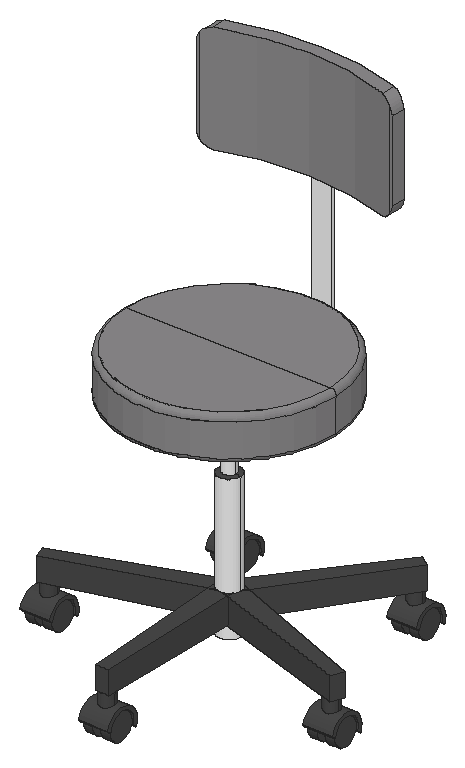
Revit family
Parameters (values of type "Value Series Stool")
  Upholstery = Upholstery - Midmark - 232 - Shadow
  URL = "http://www.midmark.com"
  Product Page URL = "http://www.midmark.com/en-us/AnimalHealthProducts/Seating/Pages/Midmark273AirLiftStool.aspx"
  Product Documentation Link = "http://www.midmark.com/marketing-collateral/007-0558-00.pdf"
  Model = "273"
  Manufacturer = "Midmark"
  Lift Height = Calculated Height - 0' 2"  # 1' - 4"
  Height = 1' - 6"
  Description = "Value Series Stool"
  Calculated Height = if(Height < 1' 6", 1' 6", if(Height > 2' 0 1/2", 2' 0 1/2", Height))  # 1' - 6"
  Assembly Code = "E2020"
Reference planes (in)
  plane 1 "Center Front/Back": y = 0
  plane 2: z = 0
  plane 3 "Center Left/Right": x = 0
  plane 4: z = 18
  plane 5: z = 5.25
  plane 6: z = 2
  plane 7: x = -12.11968
  plane 8: x = 11.86968
  plane 9: y = 10.87905
  plane 10: y = -12.83061
  plane 11: x = -12.86968
  plane 12: x = 12.61968
  plane 13: y = -13.58061
  plane 14: y = 11.62905
  plane 15: z = 21.5
  plane 16: y = 4
  plane 17: z = 38.25
  plane 18 "BACK": y = 16.22006
  plane 19 "FRONT": y = -16.22006
Forms (in)
  Extrusion 1, solid, material "Chair - Midmark Coarse View", detail levels coarse
    sketch origin (0, 0, 0) x (1, 0, 0) y (0, 1, 0)
      loop
        line (-12.86968, 11.62905) -> (-12.86968, -13.58061) -> (12.61968, -13.58061) -> (12.61968, 11.62905) -> (-12.86968, 11.62905)
    from 0 to 38.25
Lines and regions (in)
  Masking region 1, detail levels coarse
    outline origin (0, 0, 0) x (1, 0, 0) y (0, 1, 0)
      loop
        line (-12.86968, 11.62905) -> (-12.86968, -13.58061) -> (12.61968, -13.58061) -> (12.61968, 11.62905) -> (-12.86968, 11.62905)
  Masking region 2, detail levels coarse
    outline origin (0, -16.22006, 0) x (-1, 0, 0) y (0, 0, 1)
      loop
        line (12.86968, 38.25) -> (-12.61968, 38.25) -> (-12.61968, 0) -> (12.86968, 0) -> (12.86968, 38.25)
  Masking region 3, detail levels coarse
    outline origin (0, 0, 0) x (0, 1, 0) y (0, 0, 1)
      loop
        line (11.62905, 38.25) -> (-13.58061, 38.25) -> (-13.58061, 0) -> (11.62905, 0) -> (11.62905, 38.25)
  Masking region 4, detail levels coarse
    outline origin (29.83735, 16.22006, -18) x (-1, 0, 0) y (0, 0, 1)
      loop
        line (42.70703, 56.25) -> (17.21768, 56.25) -> (17.21768, 18) -> (42.70703, 18) -> (42.70703, 56.25)
Dimensions and locks (in)
  "Calculated Height": plane 4 to plane 2
  locked: plane 5 to plane 2 at 5.25
  locked: plane 6 to plane 2 at 2
  plane 14 to plane 9 to plane 1 "Center Front/Back" to plane 10 to plane 13 = 0' - 0 3/4" locked, 0' - 10.87905" locked, 1' - 0.83061" locked, 0' - 0 3/4" locked
  plane 11 to plane 7 = 0' - 0 3/4"
  locked: plane 15 to plane 4 at 3.5
  plane 3 "Center Left/Right" to plane 8 to Extrusion 1 = 0' - 11.86968" locked, 0' - 0 3/4" locked
  Extrusion 1 to plane 7 to plane 3 "Center Left/Right" = 0' - 0 3/4" locked, 1' - 0.11968" locked
  locked: plane 16 to plane 1 "Center Front/Back" at 4
  locked: plane 17 to plane 15 at 16.75
  plane 11 to plane 3 "Center Left/Right" to plane 12 = 1' - 0.86968" locked, 1' - 0.61968" locked
  aligned and locked: level to plane 2
  aligned and locked: plane 3 "Center Left/Right" to nested 2
  aligned and locked: plane 3 "Center Left/Right" to nested 1
  aligned and locked: plane 2 to nested 2
  aligned: plane 4 to nested 1
  aligned and locked: plane 1 "Center Front/Back" to nested 2
  aligned and locked: plane 1 "Center Front/Back" to nested 1
  aligned: plane 5 to nested 1
  aligned: nested 1 to plane 6  (x2)
  aligned and locked: nested 3 to plane 4
  aligned and locked: plane 3 "Center Left/Right" to nested 3
  aligned and locked: plane 1 "Center Front/Back" to nested 3
  aligned: plane 4 to nested 4  (x2)
  aligned and locked: plane 3 "Center Left/Right" to nested 4
  aligned: Extrusion 1 to plane 15
  aligned and locked: plane 13 to Extrusion 1 sketch curve
  aligned and locked: Extrusion 1 sketch curve to plane 11
  aligned and locked: plane 14 to Extrusion 1 sketch curve
  aligned and locked: plane 12 to Extrusion 1
  aligned and locked: Extrusion 1 to plane 2
  aligned and locked: plane 13 to Masking region 1 sketch curve
  aligned and locked: Masking region 1 sketch curve to plane 11
  aligned and locked: plane 14 to Masking region 1 sketch curve
  aligned and locked: Masking region 1 sketch curve to plane 12
  aligned and locked: Masking region 2 sketch curve to plane 11
  aligned and locked: Masking region 2 sketch curve to plane 12
  aligned and locked: plane 2 to Masking region 2 sketch curve
  aligned and locked: plane 4 to nested 5
  aligned and locked: plane 3 "Center Left/Right" to nested 5
  aligned and locked: nested 5 to plane 16
  aligned: plane 1 "Center Front/Back" to nested 4
  aligned and locked: plane 17 to Extrusion 1
  aligned and locked: plane 17 to Masking region 2
  aligned and locked: Masking region 3 sketch curve to plane 17
  aligned and locked: plane 4 to nested 4
  aligned and locked: nested 4 to plane 1 "Center Front/Back"
  aligned and locked: nested 1 to plane 6
  aligned and locked: Extrusion 1 to plane 13
  aligned and locked: Extrusion 1 to plane 14
  aligned and locked: Masking region 3 to plane 17
  aligned and locked: plane 2 to Masking region 3
  aligned and locked: plane 13 to Masking region 3
  aligned and locked: plane 14 to Masking region 3
  aligned and locked: Masking region 2 to plane 12
  aligned and locked: Masking region 4 to plane 17
  aligned and locked: plane 11 to Extrusion 1
  aligned and locked: plane 2 to Masking region 2
Automatic sketch dimensions
  Extrusion 1 sketch curve to plane 12 = 0' - 0"
  Masking region 3 sketch curve to plane 13 = 0' - 0"
  Masking region 3 sketch curve to level = 0' - 0"
  Masking region 3 sketch curve to plane 14 = 0' - 0"
  Masking region 2 sketch curve to plane 17 = 0' - 0"
  Masking region 4 sketch curve to plane 4 = 1' - 6"
  Masking region 4 sketch curve to plane 11 = 2' - 1.48936"
  Masking region 4 sketch curve to Masking region 4 sketch curve = 2' - 1.48936"
  plane 17 to Masking region 4 sketch curve = 0' - 0"
Nested families (in)
  nested 1: "Hydralic Lift Chrome and Black" at (0, 0, 2), type "Hydralic Lift Chrome and Black"
  nested 2: "Feet Black" at (0, 0, 0), type "Feet Black"
  nested 3: "Round Cushion" at (0, 0, 18), type "Round Cushion"
  nested 4: "Air Lift Lever" at (0, 1.875, 16.5), type "Air Lift Lever"
  nested 5: "Chair Back Flat" at (0, 6.48584, 17.75), type "Chair Back Flat"
Definition of nested family "Hydralic Lift Chrome and Black"
  Parameters (values of type "Hydralic Lift Chrome and Black")
    Top Lift Material = Chair - Midmark - Chrome
    Middle Lift Material = Chair - Midmark - Black Plastic
    Height = 1' - 4"
    Bottom Lift Material = Chair - Midmark - Chrome
    Assembly Code = ""
  Reference planes (in)
    plane 1 "Center Front/Back": y = 0
    plane 2: z = 0
    plane 3 "Center Left/Right": x = 0
    plane 4: x = -0.87626
    plane 5: x = 0.87374
    plane 6: z = 16
    plane 7: y = 0.87671
    plane 8: y = -0.87329
    plane 9: z = 0
    plane 10 "Caster Instalation Point": z = 3.25
    plane 11: z = 10.89696
    plane 12 "Front": y = -1.65512
    plane 13 "Back": y = 1.34262
    plane 14 "Left": x = -1.31996
    plane 15 "Right": x = 1.31996
  Forms (in)
    Revolve 1, solid, material "Chair - Midmark - Chrome" <- "Bottom Lift Material"
      sketch origin (-0.00126, 0.00171, -2) x (1, 0, 0) y (0, 0, 1)
        loop
          line (0, 2) -> (0, 12.81623) -> (-0.875, 12.81623) -> (-0.875, 2) -> (0, 2)
        axis (0, 2) -> (0, 12.81623)
      angle from 0 to 360
    Revolve 2, solid, material "Chair - Midmark - Chrome" <- "Top Lift Material"
      sketch origin (-0.00126, 0.00171, -2) x (1, 0, 0) y (0, 0, 1)
        loop
          line (-0.5, 12.89696) -> (0, 12.89696) -> (0, 18) -> (-0.5, 18) -> (-0.5, 12.89696)
        axis (0, 18) -> (0, 12.89696)
      angle from 0 to 360
    Revolve 3, solid, material "Chair - Midmark - Black Plastic" <- "Middle Lift Material"
      sketch origin (0, 0, 0) x (1, 0, 0) y (0, 0, 1)
        loop
          line (-0.50126, 10.89696) -> (-0.87626, 10.81623) -> (-0.00126, 10.81623) -> (-0.00126, 10.89696) -> (-0.50126, 10.89696)
        axis (-0.00126, 10.89696) -> (-0.00126, 10.81623)
      angle from 0 to 360
  Lines and regions (in)
    Masking region 1, detail levels medium+fine
      outline origin (0, -1.65512, 0) x (-1, 0, 0) y (0, 0, 1)
        loop
          line (0.87626, 0) -> (0.87626, 10.81623) -> (0.50126, 10.89696) -> (0.50126, 16) -> (-0.49874, 16) -> (-0.49874, 10.8975) -> (-0.87374, 10.81677) -> (-0.87374, 0) -> (0.87626, 0)
    Masking region 2, detail levels coarse
      outline origin (0, -1.65512, 0) x (-1, 0, 0) y (0, 0, 1)
        loop
          line (-0.87374, 16) -> (-0.87374, 0) -> (0.87626, 0) -> (0.87626, 16) -> (-0.87374, 16)
    Masking region 3, detail levels coarse
      outline origin (-1.31996, 0, 0) x (0, -1, 0) y (0, 0, 1)
        loop
          line (-0.87671, 0) -> (0.87329, 0) -> (0.87329, 16) -> (-0.87671, 16) -> (-0.87671, 0)
    Masking region 4, detail levels medium+fine
      outline origin (-1.31996, 0, 0) x (0, -1, 0) y (0, 0, 1)
        loop
          line (-0.87671, 0) -> (0.87329, 0) -> (0.87329, 10.81353) -> (0.49829, 10.8943) -> (0.49829, 16) -> (-0.50171, 16) -> (-0.50171, 10.89356) -> (-0.87671, 10.81279) -> (-0.87671, 0)
    Masking region 5, detail levels coarse
      outline origin (0, 0, 0) x (1, 0, 0) y (0, 1, 0)
        loop
          line (0.87374, 0.87671) -> (-0.87626, 0.87671) -> (-0.87626, -0.87329) -> (0.87374, -0.87329) -> (0.87374, 0.87671)
    Masking region 6, detail levels medium+fine
      outline origin (0, 0, 0) x (1, 0, 0) y (0, 1, 0)
        loop
          circle (0, 0) r 0.87625
    Masking region 7, detail levels coarse
      outline origin (5.25, 1.34262, 0) x (-1, 0, 0) y (0, 0, 1)
        loop
          line (4.37626, 16) -> (4.37626, 0) -> (6.12626, 0) -> (6.12626, 16) -> (4.37626, 16)
    Masking region 8, detail levels coarse
      outline origin (1.31996, -7, 0) x (0, -1, 0) y (0, 0, 1)
        loop
          line (-7.87671, 0) -> (-6.12671, 0) -> (-6.12671, 16) -> (-7.87671, 16) -> (-7.87671, 0)
    symbolic lines, detail levels fine
      curve 1: line (-1.31996, 0.87759, 10.81623) -> (-1.31996, -0.87329, 10.81623)
      curve 2: line (-0.87626, -1.65512, 10.81623) -> (0.87374, -1.65512, 10.81623)
      curve 3: line (-0.50126, -1.65512, 10.89696) -> (0.49874, -1.65512, 10.89696)
      curve 4: line (0, 0.50171, 10.89696) -> (0, -0.49829, 10.89696)
      curve 5: circle (0, 0, 0) r 0.5 normal (0, 0, 1)
      curve 6: line (-0.87626, 1.34262, 10.81623) -> (0.87374, 1.34262, 10.81623)
      curve 7: line (-0.50126, 1.34262, 10.89696) -> (0.49874, 1.34262, 10.89696)
      curve 8: line (1.31996, 0.87759, 10.81623) -> (1.31996, -0.87329, 10.81623)
  Dimensions and locks (in)
    "Height": plane 6 to plane 9
    locked: plane 10 "Caster Instalation Point" to plane 9 at 3.25
    locked: plane 11 to plane 10 "Caster Instalation Point" at 7.64696
    plane 11 to Revolve 1 = 0' - 0.08073"
    aligned and locked: level to plane 2
    aligned and locked: plane 9 to level
    aligned: Revolve 2 to plane 11  (x2)
    aligned and locked: Revolve 2 to plane 11
    aligned and locked: Revolve 1 to Revolve 3
  Automatic sketch dimensions
    plane 1 "Center Front/Back" to curve 5 = 0' - 0"
    curve 5 to plane 3 "Center Left/Right" = 0' - 0"
    Masking region 5 sketch curve to plane 4 = 0' - 0"
    Masking region 5 sketch curve to plane 5 = 0' - 0"
    Masking region 5 sketch curve to plane 8 = 0' - 0"
    Masking region 5 sketch curve to plane 7 = 0' - 0"
    plane 1 "Center Front/Back" to Masking region 6 sketch curve = 0' - 0"
    Masking region 6 sketch curve to plane 3 "Center Left/Right" = 0' - 0"
    plane 5 to Masking region 2 sketch curve = 0' - 0"
    Masking region 2 sketch curve to level = 0' - 0"
    Masking region 2 sketch curve to plane 4 = 0' - 0"
    Masking region 2 sketch curve to plane 6 = 0' - 0"
    Masking region 7 sketch curve to plane 6 = 0' - 0"
    Masking region 7 sketch curve to level = 0' - 0"
    Masking region 7 sketch curve to plane 14 "Left" = 0' - 2.19371"
    Masking region 7 sketch curve to Masking region 7 sketch curve = 0' - 1 3/4"
    Masking region 3 sketch curve to plane 6 = 0' - 0"
    Masking region 3 sketch curve to plane 7 = 0' - 0"
    Masking region 3 sketch curve to plane 8 = 0' - 0"
    Masking region 3 sketch curve to level = 0' - 0"
    Masking region 8 sketch curve to plane 6 = 0' - 0"
    Masking region 8 sketch curve to level = 0' - 0"
    plane 13 "Back" to Masking region 8 sketch curve = 0' - 0.46592"
    Masking region 8 sketch curve to Masking region 8 sketch curve = 0' - 1 3/4"
    curve 4 to plane 11 = 0' - 0"
    plane 8 to curve 4 = 0' - 0 3/8"
    curve 4 to plane 7 = 0' - 0 3/8"
    Revolve 1 sketch curve to level = 0' - 0"  (x2)
    plane 4 to Revolve 1 sketch curve = 0' - 0"
    Revolve 1 sketch curve to plane 3 "Center Left/Right" = 0' - 0.00126"
    Revolve 1 sketch curve to Revolve 1 sketch curve = 0' - 0"
    Revolve 1 sketch curve to plane 11 = 0' - 0.89696"
    Revolve 1 sketch curve to plane 11 = 0' - 0.08073"
    Revolve 2 sketch curve to plane 6 = 0' - 0"  (x2)
    Revolve 2 sketch curve to plane 11 = 0' - 0"
    Revolve 2 sketch curve to plane 4 = 0' - 0 3/8"
    Revolve 2 sketch curve to plane 3 "Center Left/Right" = 0' - 0.00126"
    Revolve 2 sketch curve to Revolve 2 sketch curve = 0' - 0"
    Revolve 2 sketch curve to Revolve 2 sketch curve = 0' - 2.14696"
    plane 5 to Masking region 1 sketch curve = 0' - 0"
    Masking region 1 sketch curve to plane 6 = 0' - 0"
    Masking region 1 sketch curve to plane 11 = 0' - 0"
    plane 4 to Masking region 1 sketch curve = 0' - 0"
    Masking region 1 sketch curve to level = 0' - 0"
    plane 11 to Masking region 1 sketch curve = 0' - 0.00054"
    plane 5 to Masking region 1 sketch curve = 0' - 0 3/8"
    Masking region 1 sketch curve to plane 4 = 0' - 0 3/8"
    Masking region 1 sketch curve to plane 11 = 0' - 0.08073"
    Masking region 1 sketch curve to plane 11 = 0' - 0.08019"
    Masking region 4 sketch curve to level = 0' - 0"
    Masking region 4 sketch curve to plane 7 = 0' - 0"
    Masking region 4 sketch curve to plane 6 = 0' - 0"
    Masking region 4 sketch curve to plane 11 = 0' - 0.0034"
    Masking region 4 sketch curve to plane 7 = 0' - 0 3/8"
    Masking region 4 sketch curve to plane 11 = 0' - 0.00266"
    plane 8 to Masking region 4 sketch curve = 0' - 0 3/8"
    Masking region 4 sketch curve to plane 8 = 0' - 0"
    Masking region 4 sketch curve to plane 11 = 0' - 0.08343"
    Masking region 4 sketch curve to plane 11 = 0' - 0.08417"
    plane 4 to Revolve 3 sketch curve = 0' - 0"
    Revolve 3 sketch curve to plane 11 = 0' - 0"  (x2)
    Revolve 3 sketch curve to plane 4 = 0' - 0 3/8"
    Revolve 3 sketch curve to plane 3 "Center Left/Right" = 0' - 0.00126"
    Revolve 3 sketch curve to Revolve 3 sketch curve = 0' - 0"
    Revolve 3 sketch curve to plane 11 = 0' - 0.08073"
    Revolve 3 sketch curve to Revolve 3 sketch curve = 0' - 0.91927"
    plane 5 to curve 2 = 0' - 0"
    curve 3 to plane 11 = 0' - 0"
    plane 4 to curve 2 = 0' - 0"
    plane 5 to curve 3 = 0' - 0 3/8"
    curve 3 to plane 4 = 0' - 0 3/8"
    curve 2 to plane 11 = 0' - 0.08073"
    plane 5 to curve 6 = 0' - 0"
    curve 7 to plane 11 = 0' - 0"
    plane 4 to curve 6 = 0' - 0"
    curve 7 to plane 5 = 0' - 0 3/8"
    plane 4 to curve 7 = 0' - 0 3/8"
    plane 11 to curve 6 = 0' - 0.08073"
    curve 1 to plane 8 = 0' - 0"
    plane 7 to curve 1 = 0' - 0.00088"
    curve 1 to plane 11 = 0' - 0.08073"
    curve 8 to plane 8 = 0' - 0"
    curve 8 to plane 7 = 0' - 0.00088"
    plane 11 to curve 8 = 0' - 0.08073"
    radius of curve 5 = 0' - 0 1/2"
    radius of Masking region 6 sketch curve = 0' - 0.87625"
Definition of nested family "Feet Black"
  Parameters (values of type "Feet Black")
    Feet Material = Chair - Midmark - Black Plastic
    Assembly Code = ""
  Reference planes (in)
    plane 1 "Center Front/Back": y = 0
    plane 2: z = 0
    plane 3 "Center Left/Right": x = 0
    plane 4: z = 3.14669
    plane 5: x = -12.11968
    plane 6: x = 11.86968
    plane 7: z = 5.14669
    plane 8: y = 10.87905
    plane 9: y = -12.83061
    plane 10: z = 0
    plane 11 "Left": x = -12.6741
    plane 12 "Front": y = -13.53243
    plane 13 "Back": y = 11.53243
    plane 14 "Right": x = 12.4241
  Forms (in)
    Blend 1, solid, material "Chair - Midmark - Black Plastic" <- "Feet Material"
      base sketch origin (-0.02, 0.01151, 2.71936) x (0.999996, 0.002747, 0) y (0, 0, 1)
        loop
          line (0.71241, 2.42733) -> (-0.78759, 2.42733) -> (-0.78759, 0.42733) -> (0.71241, 0.42733) -> (0.71241, 2.42733)
      top sketch origin (-0.02, 0.01151, 2.71936) x (0.999996, 0.002747, 0) y (0, 0, 1)
        loop
          line (-0.50634, 0.42733) -> (0.49366, 0.42733) -> (0.49366, 2.17733) -> (-0.50634, 2.17733) -> (-0.50634, 0.42733)
      from 0 to 12
    Blend 2, solid, material "Chair - Midmark - Black Plastic" <- "Feet Material"
      base sketch origin (0.00505, 0.01375, 2.71936) x (0.331216, 0.943555, 0) y (0, 0, 1)
        loop
          line (0.71241, 2.42733) -> (-0.78759, 2.42733) -> (-0.78759, 0.42733) -> (0.71241, 0.42733) -> (0.71241, 2.42733)
      top sketch origin (0.00505, 0.01375, 2.71936) x (0.331216, 0.943555, 0) y (0, 0, 1)
        loop
          line (-0.50634, 0.42733) -> (0.49366, 0.42733) -> (0.49366, 2.17733) -> (-0.50634, 2.17733) -> (-0.50634, 0.42733)
      from 0 to 12
    Blend 3, solid, material "Chair - Midmark - Black Plastic" <- "Feet Material"
      base sketch origin (-0.00087, -0.04805, 2.71936) x (0.286648, -0.958036, 0) y (0, 0, 1)
        loop
          line (0.71241, 2.42733) -> (-0.78759, 2.42733) -> (-0.78759, 0.42733) -> (0.71241, 0.42733) -> (0.71241, 2.42733)
      top sketch origin (-0.00087, -0.04805, 2.71936) x (0.286648, -0.958036, 0) y (0, 0, 1)
        loop
          line (-0.50634, 0.42733) -> (0.49366, 0.42733) -> (0.49366, 2.17733) -> (-0.50634, 2.17733) -> (-0.50634, 0.42733)
      from 0 to 12
    Blend 4, solid, material "Chair - Midmark - Black Plastic" <- "Feet Material"
      base sketch origin (0.03408, -0.0149, 2.71936) x (0.822567, -0.568668, 0) y (0, 0, -1)
        loop
          line (0.71241, -2.42733) -> (0.71241, -0.42733) -> (-0.78759, -0.42733) -> (-0.78759, -2.42733) -> (0.71241, -2.42733)
      top sketch origin (0.03408, -0.0149, 2.71936) x (0.822567, -0.568668, 0) y (0, 0, -1)
        loop
          line (-0.50634, -0.42733) -> (-0.50634, -2.17733) -> (0.49366, -2.17733) -> (0.49366, -0.42733) -> (-0.50634, -0.42733)
      from 0 to 12
    Blend 5, solid, material "Chair - Midmark - Black Plastic" <- "Feet Material"
      base sketch origin (0.02615, 0.03051, 2.71936) x (0.795022, 0.60658, 0) y (0, 0, -1)
        loop
          line (0.71241, -2.42733) -> (0.71241, -0.42733) -> (-0.78759, -0.42733) -> (-0.78759, -2.42733) -> (0.71241, -2.42733)
      top sketch origin (0.02615, 0.03051, 2.71936) x (0.795022, 0.60658, 0) y (0, 0, -1)
        loop
          line (-0.50634, -0.42733) -> (-0.50634, -2.17733) -> (0.49366, -2.17733) -> (0.49366, -0.42733) -> (-0.50634, -0.42733)
      from 0 to 12
  Lines and regions (in)
    Masking region 1, detail levels coarse
      outline origin (0, -13.53243, 0) x (-1, 0, 0) y (0, 0, 1)
        loop
          line (12.11968, 5.14669) -> (-11.86968, 5.14669) -> (-11.86968, 0) -> (12.11968, 0) -> (12.11968, 5.14669)
    Masking region 2, detail levels coarse
      outline origin (-12.6741, 0, 0) x (0, 1, 0) y (0, 0, 1)
        loop
          line (10.87905, 5.14669) -> (-12.83061, 5.14669) -> (-12.83061, 0) -> (10.87905, 0) -> (10.87905, 5.14669)
    Masking region 3, detail levels coarse
      outline origin (0, 0, 0) x (1, 0, 0) y (0, 1, 0)
        loop
          line (-12.11968, 10.87905) -> (-12.11968, -12.83061) -> (11.86968, -12.83061) -> (11.86968, 10.87905) -> (-12.11968, 10.87905)
    Masking region 4, detail levels medium+fine
      outline origin (0, 0, 0) x (1, 0, 0) y (0, 0, 1)
        loop
          line (-11.29362, 0) -> (-11.29362, 0.4641) -> (-10.70638, 0.4641) -> (-10.70638, 0) -> (-9.98951, 0) -> (-9.98951, 0.4641) -> (-9.88032, 0.4641) -> (-9.88032, 2.35385) -> (-10.44, 2.35385) -> (-10.44, 3.14669) -> (-7.55329, 3.14669) -> (-7.55329, 2.35385) -> (-8.11968, 2.35385) -> (-8.11968, 0.4641) -> (-8.01049, 0.4641) -> (-8.01049, 0) -> (-7.29362, 0) -> (-7.29362, 0.4641) -> (-6.70638, 0.4641) -> (-6.70638, 0) -> (-5.98951, 0) -> (-5.98951, 0.4641) -> (-5.88032, 0.4641) -> (-5.88032, 2.35385) -> (-6.44, 2.35385) -> (-6.44, 3.14669) -> (-0.55329, 3.14669) -> (-0.55329, 2.35385) -> (-1.11968, 2.35385) -> (-1.11968, 0.4641) -> (-1.01049, 0.4641) -> (-1.01049, 0) -> (-0.29362, 0) -> (-0.29362, 0.4641) -> (0.29362, 0.4641) -> (0.29362, 0) -> (1.01049, 0) -> (1.01049, 0.4641) -> (1.11968, 0.4641) -> (1.11968, 2.35385) -> (0.56, 2.35385) -> (0.56, 3.14669) -> (5.93762, 3.14669) -> (5.93762, 2.35385) -> (5.38032, 2.35385) -> (5.38032, 0.4641) -> (5.48951, 0.4641) -> (5.48951, 0) -> (6.20638, 0) -> (6.20638, 0.4641) -> (6.79362, 0.4641) -> (6.79362, 0) -> (7.51049, 0) -> (7.51049, 0.4641) -> (7.61968, 0.4641) -> (7.61968, 2.35385) -> (7.06, 2.35385) -> (7.06, 3.14669) -> (10.19671, 3.14669) -> (10.19671, 2.35385) -> (9.63032, 2.35385) -> (9.63032, 0.4641) -> (9.73951, 0.4641) -> (9.73951, 0) -> (10.45638, 0) -> (10.45638, 0.4641) -> (11.04362, 0.4641) -> (11.04362, 0) -> (11.76049, 0) -> (11.76049, 0.4641) -> (11.86968, 0.4641) -> (11.86968, 2.35385) -> (11.31, 2.35385) -> (11.31, 3.14669) -> (11.49121, 3.14669) -> (11.49121, 4.89669) -> (0.68577, 5.13681) -> (-0.76806, 5.13681) -> (-11.64244, 4.89669) -> (-11.64244, 3.14669) -> (-11.55329, 3.14669) -> (-11.55329, 2.35385) -> (-12.11968, 2.35385) -> (-12.11968, 0.4641) -> (-12.01049, 0.4641) -> (-12.01049, 0) -> (-11.29362, 0)
    Masking region 5, detail levels medium+fine
      outline origin (0, 0, 0) x (0, 1, 0) y (0, 0, 1)
        loop
          arc (10.78122, 0.4641) -> (10.77146, 1.50846) -> (10.03266, 2.24667) r 1.37951
          line (10.03266, 2.24667) -> (10.03266, 3.14669) -> (10.14385, 3.14669) -> (10.14839, 4.87753) -> (-0.00333, 5.13888) -> (-12.08812, 4.88709) -> (-12.08812, 2.21814)
          arc (-12.08812, 2.21814) -> (-12.56152, 1.84498) -> (-12.83061, 1.30559) r 1.37951
          line (-12.83061, 1.30559) -> (-12.4904, 0.96538)
          arc (-12.4904, 0.96538) -> (-11.58868, 0.00478) -> (-10.5174, 0.77172) r 1
          line (-10.5174, 0.77172) -> (-10.20978, 0.4641)
          arc (-10.20978, 0.4641) -> (-10.22081, 1.51145) -> (-10.96434, 2.24917) r 1.37951
          line (-10.96434, 2.24917) -> (-10.96434, 3.14669) -> (-4.33492, 3.14669) -> (-4.33492, 2.22392)
          arc (-4.33492, 2.22392) -> (-4.81625, 1.85021) -> (-5.08961, 1.30559) r 1.37951
          line (-5.08961, 1.30559) -> (-4.74804, 0.96402)
          arc (-4.74804, 0.96402) -> (-4.35165, 0.20158) -> (-3.50881, 0.03407) r 0.99276
          arc (-3.50881, 0.03407) -> (-2.73642, 0.14196) -> (-2.2764, 0.77172) r 1
          line (-2.2764, 0.77172) -> (-1.96878, 0.4641)
          arc (-1.96878, 0.4641) -> (-1.97757, 1.50613) -> (-2.71269, 2.24471) r 1.37951
          line (-2.71269, 2.24471) -> (-2.71269, 3.14669) -> (8.6558, 3.14669) -> (8.6558, 2.21954)
          arc (8.6558, 2.21954) -> (8.1805, 1.84624) -> (7.91039, 1.30559) r 1.37951
          line (7.91039, 1.30559) -> (8.25, 1)
          arc (8.25, 1) -> (8.63833, 0.20254) -> (9.50189, 0) r 1.03326
          arc (9.50189, 0) -> (10.04186, 0.15959) -> (10.40777, 0.58755) r 0.99117
          line (10.40777, 0.58755) -> (10.53122, 0.4641)
          arc (10.53122, 0.4641) -> (10.55798, 0.56372) -> (10.58105, 0.66427) r 2.79724
          line (10.58105, 0.66427) -> (10.78122, 0.4641)
    Masking region 6, detail levels medium+fine
      outline origin (0, 0, 0) x (1, 0, 0) y (0, 1, 0)
        loop
          line (1.11968, -12.83061) -> (1.11968, -10.11952) -> (0.56, -10.11952) -> (0.67622, -1.03222) -> (9.63032, -3.94159) -> (9.63032, -5.08961) -> (11.86968, -5.08961) -> (11.88032, -2.38179) -> (9.63032, -2.38179) -> (9.64126, -2.80754) -> (1.13452, 0.35388) -> (6.32371, 8.16039) -> (7.61968, 8.16039) -> (7.61968, 10.86821) -> (5.38032, 10.86821) -> (5.38887, 8.73511) -> (-0.01517, 1.22973) -> (-5.86968, 8.61974) -> (-5.86968, 10.62905) -> (-8.11968, 10.62905) -> (-8.11968, 7.91039) -> (-6.67216, 7.91039) -> (-1.20683, 0.388) -> (-9.88032, -2.43019) -> (-9.88032, -1.87095) -> (-12.11968, -1.87095) -> (-12.11968, -4.58961) -> (-9.88032, -4.58961) -> (-9.88032, -3.54845) -> (-0.78101, -1.00564) -> (-0.54255, -10.11195) -> (-1.11968, -10.11195) -> (-1.11968, -12.83061) -> (1.11968, -12.83061)
    symbolic lines, detail levels fine
      curve 1: line (11.16, 0, 3.14669) -> (11.16, 0, 4.89669)
      curve 2: line (-11.35579, 0, 3.14669) -> (-11.35579, 0, 4.89669)
      curve 3: line (-12.11968, 0, 1.09001) -> (-9.88032, 0, 1.09001)
      curve 4: line (-12.11968, 0, 1.30559) -> (-9.88032, 0, 1.30559)
      curve 5: line (-10.70638, 0, 1.09001) -> (-10.70206, 0, 0.45757)
      curve 6: line (-11.29362, 0, 1.09001) -> (-11.29362, 0, 0.4641)
      curve 7: line (-12.11968, 0, 0.66069) -> (-12.01049, 0, 0.66069)
      curve 8: line (-11.29362, 0, 0.66069) -> (-10.70345, 0, 0.66069)
      curve 9: line (-9.98951, 0, 0.66069) -> (-9.88032, 0, 0.66069)
      curve 10: line (-8.11968, 0, 1.09001) -> (-5.88032, 0, 1.09001)
      curve 11: line (-8.11968, 0, 1.30559) -> (-5.88032, 0, 1.30559)
      curve 12: line (-6.70638, 0, 1.09001) -> (-6.70206, 0, 0.45757)
      curve 13: line (-7.29362, 0, 1.09001) -> (-7.29362, 0, 0.4641)
      curve 14: line (-8.11968, 0, 0.66069) -> (-8.01049, 0, 0.66069)
      curve 15: line (-7.29362, 0, 0.66069) -> (-6.70345, 0, 0.66069)
      curve 16: line (-5.98951, 0, 0.66069) -> (-5.88032, 0, 0.66069)
      curve 17: line (-1.11968, 0, 1.09001) -> (1.11968, 0, 1.09001)
      curve 18: line (-1.11968, 0, 1.30559) -> (1.11968, 0, 1.30559)
      curve 19: line (0.29362, 0, 1.09001) -> (0.29794, 0, 0.45757)
      curve 20: line (-0.29362, 0, 1.09001) -> (-0.29362, 0, 0.4641)
      curve 21: line (-1.11968, 0, 0.66069) -> (-1.01049, 0, 0.66069)
      curve 22: line (-0.29362, 0, 0.66069) -> (0.29655, 0, 0.66069)
      curve 23: line (1.01049, 0, 0.66069) -> (1.11968, 0, 0.66069)
      curve 24: line (5.38032, 0, 1.09001) -> (7.61968, 0, 1.09001)
      curve 25: line (5.38032, 0, 1.30559) -> (7.61968, 0, 1.30559)
      curve 26: line (6.79362, 0, 1.09001) -> (6.79794, 0, 0.45757)
      curve 27: line (6.20638, 0, 1.09001) -> (6.20638, 0, 0.4641)
      curve 28: line (5.38032, 0, 0.66069) -> (5.48951, 0, 0.66069)
      curve 29: line (6.20638, 0, 0.66069) -> (6.79655, 0, 0.66069)
      curve 30: line (7.51049, 0, 0.66069) -> (7.61968, 0, 0.66069)
      curve 31: line (9.63032, 0, 1.09001) -> (11.86968, 0, 1.09001)
      curve 32: line (9.63032, 0, 1.30559) -> (11.86968, 0, 1.30559)
      curve 33: line (11.04362, 0, 1.09001) -> (11.04794, 0, 0.45757)
      curve 34: line (10.45638, 0, 1.09001) -> (10.45638, 0, 0.4641)
      curve 35: line (9.63032, 0, 0.66069) -> (9.73951, 0, 0.66069)
      curve 36: line (10.45638, 0, 0.66069) -> (11.04655, 0, 0.66069)
      curve 37: line (11.76049, 0, 0.66069) -> (11.86968, 0, 0.66069)
      curve 55: line (-0.49337, -11.98984, 0) -> (0.50663, -11.98984, 0)
      curve 56: line (0.50663, -11.98984, 0) -> (0.53568, -10.11316, 0)
      curve 57: line (-0.54251, -10.11347, 0) -> (-0.49337, -11.98984, 0)
      curve 58: line (9.63032, -3.94159, 0) -> (11.16, -4.43861, 0)
      curve 59: line (11.16, -4.43861, 0) -> (11.49121, -3.49506, 0)
      curve 60: line (11.49121, -3.49506, 0) -> (9.61649, -2.79834, 0)
      curve 61: line (5.38032, 8.68314, 0) -> (6.44159, 10.14385, 0)
      curve 62: line (6.44159, 10.14385, 0) -> (7.27439, 9.59027, 0)
      curve 63: line (7.27439, 9.59027, 0) -> (6.32915, 8.16857, 0)
      curve 64: line (-6.67216, 7.91039, 0) -> (-7.65536, 9.26364, 0)
      curve 65: line (-7.65536, 9.26364, 0) -> (-6.87152, 9.88461, 0)
      curve 66: line (-6.87152, 9.88461, 0) -> (-5.89303, 8.64949, 0)
      curve 67: line (-9.88032, -3.54845, 0) -> (-11.31738, -3.97842, 0)
      curve 68: line (-11.31738, -3.97842, 0) -> (-11.62639, -3.02737, 0)
      curve 69: line (-11.62639, -3.02737, 0) -> (-9.88032, -2.46003, 0)
      curve 70: line (0, 9.78318, 2.24646) -> (0, 9.78318, 3.14669)
      curve 71: line (0, 9.78318, 3.14669) -> (0, 9.87022, 3.14669)
      curve 72: line (0, 9.87022, 3.14669) -> (0, 9.87022, 4.89669)
      curve 73: line (0, 9.26364, 3.14669) -> (0, 9.26364, 4.89669)
      curve 74: line (0, -3.00274, 3.14669) -> (0, -3.00274, 4.89669)
      curve 75: line (0, -3.00274, 4.89669) -> (0, 0.48934, 5.13206)
      curve 76: line (0, -3.00274, 4.89669) -> (0, -3.96077, 4.89669)
      curve 77: line (0, -3.96077, 4.89669) -> (0, -0.73852, 5.14608)
      curve 78: line (0, -3.96077, 4.89669) -> (0, -3.96077, 3.14669)
      curve 79: line (0, -10.96434, 2.24917) -> (0, -10.96434, 3.14669)
      curve 80: line (0, -11.98709, 3.14669) -> (0, 10.03266, 3.14669)
      curve 81: arc (0, -11.491, 0) -> (0, -10.78389, 1.70711) -> (0, -12.491, 1) r 1
      curve 82: arc (0, -12.61503, 1.09001) -> (0, -11.27594, 2.0831) -> (0, -10.40637, 0.66069) r 1.12951
      curve 83: arc (0, -12.07696, 2.22344) -> (0, -10.54543, 1.97837) -> (0, -10.20978, 0.4641) r 1.37951
      curve 84: line (0, -4.33492, 3.14669) -> (0, -4.33492, 2.22392)
      curve 85: line (0, -3.83887, 3.14669) -> (0, -3.83887, 2.22207)
      curve 86: line (0, -2.71269, 3.14669) -> (0, -2.71269, 2.24471)
      curve 87: circle (0, -3.25, 1.00671) r 0.99975 normal (1, 0, 0)
      curve 88: line (0, -1.96878, 0.4641) -> (0, -2.16537, 0.66069)
      curve 89: line (0, -4.37403, 1.09001) -> (0, -4.58961, 1.30559)
      curve 90: line (0, -4.87403, 1.09001) -> (0, -5.08961, 1.30559)
      curve 91: arc (0, -5.08961, 1.30559) -> (0, -4.63517, 2.0328) -> (0, -3.83887, 2.35102) r 1.37951
      curve 92: arc (0, -4.87403, 1.09001) -> (0, -4.64461, 1.66541) -> (0, -4.1418, 2.02722) r 1.10602
      curve 93: arc (0, -4.58961, 1.30559) -> (0, -2.82873, 2.28781) -> (0, -1.96878, 0.4641) r 1.37951
      curve 94: arc (0, -4.37403, 1.09001) -> (0, -3.03494, 2.0831) -> (0, -2.16537, 0.66069) r 1.12951
      curve 95: arc (0, 7.91039, 1.30559) -> (0, 9.58079, 2.31349) -> (0, 10.58869, 0.64309) r 1.37951
      curve 96: arc (0, 10.03807, 2.24439) -> (0, 9.91135, 2.28574) -> (0, 9.78318, 2.32232) r 3.56322
      curve 97: arc (0, 8.25, 1) -> (0, 9.25, 2) -> (0, 10.25, 1) r 1
      curve 98: arc (0, 8.25, 1) -> (0, 9.25, 0) -> (0, 10.25, 1) r 1
      curve 99: line (0, 8.6558, 2.21954) -> (0, 8.6558, 3.14669)
      curve 100: arc (0, -4.37789, 1.76929) -> (0, -4.64034, 0.54492) -> (0, -3.49554, 0.03758) r 0.99276
      curve 101: arc (0, 10.33463, 0.66069) -> (0, 9.46506, 2.0831) -> (0, 8.12597, 1.09001) r 1.12951
      curve 102: line (0, 10.53122, 0.4641) -> (0, 10.33463, 0.66069)
      curve 103: line (0, 8.12597, 1.09001) -> (0, 7.91039, 1.30559)
      curve 104: line (0, -10.40637, 0.66069) -> (0, -10.20978, 0.4641)
      curve 105: line (-11.55329, 0, 3.14669) -> (-10.44, 0, 3.14669)
      curve 106: line (-7.55329, 0, 3.14669) -> (-6.44, 0, 3.14669)
      curve 107: line (-0.55329, 0, 3.14669) -> (0.56, 0, 3.14669)
      curve 108: line (5.93762, 0, 3.14669) -> (7.06, 0, 3.14669)
      curve 109: line (10.19671, 0, 3.14669) -> (11.31, 0, 3.14669)
    symbolic lines, style "Furniture", detail levels fine
      curve 38: line (-11.55329, 0, 2.35385) -> (-10.44, 0, 2.35385)
      curve 39: line (-7.55329, 0, 2.35385) -> (-6.44, 0, 2.35385)
      curve 40: line (-0.55329, 0, 2.35385) -> (0.56, 0, 2.35385)
      curve 41: line (5.93762, 0, 2.35385) -> (7.06, 0, 2.35385)
      curve 42: line (11.16, 0, 3.14669) -> (11.16, 0, 4.89669)
      curve 43: line (7.26416, 0, 3.14669) -> (7.26416, 0, 4.89669)
      curve 44: line (7.26416, 0, 4.89669) -> (0.62008, 0, 5.14669)
      curve 45: line (6.44159, 0, 3.14669) -> (6.44159, 0, 4.89669)
      curve 46: line (6.44159, 0, 4.89669) -> (-0.20312, 0, 5.13214)
      curve 47: line (-7.67041, 0, 3.14669) -> (-7.67041, 0, 4.89669)
      curve 48: line (-7.67041, 0, 4.89669) -> (-1.02633, 0, 5.14669)
      curve 49: line (-6.84784, 0, 3.14669) -> (-6.84784, 0, 4.89669)
      curve 50: line (-6.84784, 0, 4.89669) -> (-0.20312, 0, 5.13214)
      curve 51: line (-7.55329, 0, 2.35385) -> (-6.44, 0, 2.35385)
      curve 52: line (-0.55329, 0, 2.35385) -> (0.56, 0, 2.35385)
      curve 53: line (5.94671, 0, 2.35385) -> (7.06, 0, 2.35385)
      curve 54: line (10.19671, 0, 2.35385) -> (11.31, 0, 2.35385)
  Dimensions and locks (in)
    aligned and locked: level to plane 2
  Nested families (in)
    nested 1: "Casters Black" at (0, -11.491, 0), type "Casters Black"
    nested 2: "Casters Black" at (-11, -3.25, 0), type "Casters Black"
    nested 3: "Casters Black" at (-7, 9.25, 0), type "Casters Black"
    nested 4: "Casters Black" at (6.5, 9.5, 0), type "Casters Black"
    nested 5: "Casters Black" at (10.75, -3.75, 0), type "Casters Black"
  Definition of nested family "Casters Black"
    Parameters (values of type "Casters Black")
      Assembly Code = ""
    Reference planes (in)
      plane 1 "Center Front/Back": y = 0
      plane 2: z = 0
      plane 3 "Center Left/Right": x = 0
      plane 4: z = 3.14669
      plane 5: x = 1.11968
      plane 6: x = -1.11968
    Forms (in)
      Extrusion 1, solid, material "Chair - Midmark - Black Plastic"
        sketch origin (-0.01049, 0, -0.76917) x (0, -1, 0) y (0, 0, 1)
          loop
            circle (0, 1.76917) r 1
        from 0.28313 to 1
      Extrusion 2, solid, material "Chair - Midmark - Black Plastic"
        sketch origin (-0.01049, 0, -0.76917) x (0, -1, 0) y (0, 0, 1)
          loop
            arc (-1.08463, 1.42986) -> (-0.21506, 2.85227) -> (1.12403, 1.85918) r 1.12951
            line (1.12403, 1.85918) -> (1.33961, 2.07476)
            arc (1.33961, 2.07476) -> (-0.42127, 3.05698) -> (-1.28122, 1.23327) r 1.37951
            line (-1.28122, 1.23327) -> (-1.08463, 1.42986)
        from -1.13017 to 1.10918
      Extrusion 3, solid, material "Chair - Midmark - Black Plastic"
        sketch origin (0, 0.42399, -0.76917) x (1, 0, 0) y (0, 1, 0)
          loop
            circle (0, -0.45133) r 0.56
        from 2.89024 to 3.91587
      Extrusion 4, solid, material "Chair - Midmark - Black Plastic"
        sketch origin (0.01049, 0, -0.76917) x (0, -1, 0) y (0, 0, -1)
          loop
            circle (0, -1.76917) r 1
        from 0.28313 to 1
    Dimensions and locks (in)
      aligned and locked: level to plane 2
Definition of nested family "Round Cushion"
  Parameters (values of type "Round Cushion")
    Upholstery = Upholstery - Midmark - 216 - Pebble Grey
    Assembly Code = ""
  Reference planes (in)
    plane 1 "Center Front/Back": y = 0
    plane 2: z = 0
    plane 3 "Center Left/Right": x = 0
    plane 4: x = -8.09717
    plane 5: z = 3.25
    plane 6: x = 8.09293
    plane 7: y = 8.05646
    plane 8: y = -8.11896
    plane 9: z = 0
  Forms (in)
    Revolve 1, solid, material "Upholstery - Midmark - 216 - Pebble Grey" <- "Upholstery"
      sketch origin (-0.00688, -0.01945, -23) x (1, 0, 0) y (0, 0, 1)
        loop
          arc (-8.071, 23.25) -> (-7.99777, 23.07322) -> (-7.821, 23) r 0.25
          line (-7.821, 23) -> (0, 23) -> (0, 26.25) -> (-7.72089, 26.25)
          arc (-7.72089, 26.25) -> (-7.97477, 26.05519) -> (-8.071, 25.75) r 0.53209
          line (-8.071, 25.75) -> (-8.071, 23.25)
        axis (0, 26.25) -> (0, 23)
      angle from 0 to 360
  Lines and regions (in)
    Masking region 1, detail levels medium+fine
      outline origin (0, 0, 0) x (1, 0, 0) y (0, 0, 1)
        loop
          arc (-8.09717, 0.2242) -> (-8.03151, 0.06567) -> (-7.87297, 0) r 0.2242
          line (-7.87297, 0) -> (0, 0) -> (7.86873, 0)
          arc (7.86873, 0) -> (8.02726, 0.06567) -> (8.09293, 0.2242) r 0.2242
          line (8.09293, 0.2242) -> (8.09293, 2.7242)
          arc (8.09293, 2.7242) -> (7.99158, 3.04528) -> (7.72427, 3.25) r 0.55928
          line (7.72427, 3.25) -> (-0.00688, 3.25) -> (-7.72852, 3.25)
          arc (-7.72852, 3.25) -> (-7.99583, 3.04528) -> (-8.09717, 2.7242) r 0.55928
          line (-8.09717, 2.7242) -> (-8.09717, 0.2242)
    Masking region 2, detail levels coarse
      outline origin (-0.03199, 0, 0) x (1, 0, 0) y (0, 0, 1)
        loop
          line (-8.06518, 0) -> (8.12492, 0) -> (8.12492, 3.25) -> (-8.06518, 3.25) -> (-8.06518, 0)
    Masking region 3, detail levels coarse
      outline origin (0, 0, 0) x (0, 1, 0) y (0, 0, 1)
        loop
          line (8.05646, 3.25) -> (-8.10527, 3.25) -> (-8.10527, 0) -> (8.05646, 0) -> (8.05646, 3.25)
    Masking region 4, detail levels medium+fine
      outline origin (0, 0, 0) x (0, 1, 0) y (0, 0, 1)
        loop
          line (7.70581, 3.25) -> (-7.73706, 3.25)
          arc (-7.73706, 3.25) -> (-7.99996, 3.11227) -> (-8.10527, 2.83479) r 0.41821
          line (-8.10527, 2.83479) -> (-8.10527, 0.22108)
          arc (-8.10527, 0.22108) -> (-8.03423, 0.05843) -> (-7.86663, 0) r 0.22173
          line (-7.86663, 0) -> (7.83538, 0)
          arc (7.83538, 0) -> (7.9917, 0.06475) -> (8.05646, 0.22108) r 0.22108
          line (8.05646, 0.22108) -> (8.05646, 2.83212)
          arc (8.05646, 2.83212) -> (7.93976, 3.09025) -> (7.70581, 3.25) r 0.52432
    Masking region 5, detail levels coarse
      outline origin (0, 0, 0) x (1, 0, 0) y (0, 1, 0)
        loop
          line (8, -8.09302) -> (8, 8) -> (-8, 8) -> (-8, -8.09302) -> (8, -8.09302)
    Masking region 6, detail levels medium+fine
      outline origin (0, 0, 0) x (1, 0, 0) y (0, 1, 0)
        loop
          circle (0, 0) r 8
    symbolic lines, detail levels fine
      curve 1: circle (0, 0, 0) r 7.72775 normal (0, 0, 1)
  Dimensions and locks (in)
    aligned and locked: level to plane 2
Definition of nested family "Air Lift Lever"
  Parameters (values of type "Air Lift Lever")
    Seat Connector Material = Chair - Midmark - Black Plastic
    Lever Tip Material = Chair - Midmark - Black Plastic
    Lever Material = Chair - Midmark - Chrome
    Assembly Code = ""
  Reference planes (in)
    plane 1 "Center Front/Back": y = 0
    plane 2: z = 0
    plane 3 "Center Left/Right": x = 0
    plane 4 "Back": y = 4.25
    plane 5 "Front": y = -4.25
    plane 6 "Front1": y = -5
    plane 7 "Back1": y = 5
    plane 8 "Left": x = -9.3125
    plane 9 "Right": x = 2.25
    plane 10: y = -1.875
  Forms (in)
    Revolve 1, solid, material "Chair - Midmark - Chrome" <- "Lever Material"
      sketch origin (-0.93316, 0, -3.7575) x (0.990268, 0, 0.139173) y (-0.139173, 0, 0.990268)
        loop
          line (0, 4.5) -> (-4, 4.5) -> (-4, 4.37378) -> (0, 4.37378) -> (0, 4.5)
        axis (-4, 4.5) -> (0, 4.5)
      angle from 0 to 360
    Revolve 2, solid, material "Chair - Midmark - Black Plastic" <- "Lever Tip Material"
      sketch origin (-0.93316, 0, -3.7575) x (0.990268, 0, 0.139173) y (-0.139173, 0, 0.990268)
        loop
          line (-4, 4.5) -> (-4, 4.65376)
          spline (-4, 4.65376) -> (-4.20843, 4.70065) -> (-4.37143, 4.72823) -> (-4.49785, 4.74039) -> (-4.59659, 4.74097) -> (-4.67652, 4.73384) -> (-4.74515, 4.7221) -> (-4.80472, 4.70583) -> (-4.85613, 4.6844) -> (-4.90028, 4.65703) -> (-4.93766, 4.62124) -> (-4.96839, 4.57316) -> (-4.98926, 4.5)
          line (-4.98926, 4.5) -> (-4, 4.5)
        axis (-4.98926, 4.5) -> (-4, 4.5)
      angle from 0 to 360
    Extrusion 3, solid, material "Chair - Midmark - Black Plastic" <- "Seat Connector Material"
      sketch origin (-2.1875, 0, 0) x (1, 0, 0) y (0, 0, 1)
        loop
          line (0.1875, 1.25) -> (0.36065, 1.25)
          arc (0.36065, 1.25) -> (0.49776, 0.56215) -> (0.91719, 0) r 1.59184
          line (0.91719, 0) -> (2.1875, 0) -> (3.45781, 0)
          arc (3.45781, 0) -> (3.87724, 0.56215) -> (4.01435, 1.25) r 1.59184
          line (4.01435, 1.25) -> (4.1875, 1.25) -> (4.1875, 1.5) -> (3.73306, 1.5)
          arc (3.73306, 1.5) -> (3.70908, 0.82675) -> (3.36093, 0.25) r 1.34184
          line (3.36093, 0.25) -> (2.1875, 0.25) -> (1.01407, 0.25)
          arc (1.01407, 0.25) -> (0.66592, 0.82675) -> (0.64194, 1.5) r 1.34184
          line (0.64194, 1.5) -> (0.1875, 1.5) -> (0.1875, 1.25)
      from -4.25 to 4.25
  Lines and regions (in)
    Masking region 1, detail levels medium+fine
      outline origin (0, 0, 0) x (1, 0, 0) y (0, 1, 0)
        loop
          line (-2, 4.25) -> (-2, 0.25) -> (-5.41636, 0.25)
          arc (-5.41636, 0.25) -> (-5.6611, 0.40172) -> (-5.94737, 0.43284) r 0.65006
          arc (-5.94737, 0.43284) -> (-6.31262, 0.32) -> (-6.52176, 0) r 0.56339
          arc (-6.52176, 0) -> (-6.31262, -0.32) -> (-5.94737, -0.43284) r 0.56339
          arc (-5.94737, -0.43284) -> (-5.6611, -0.40172) -> (-5.41636, -0.25) r 0.65006
          line (-5.41636, -0.25) -> (-2, -0.25) -> (-2, -4.25) -> (2, -4.25) -> (2, 4.25) -> (-2, 4.25)
    Masking region 2, detail levels coarse
      outline origin (2.1875, 0, 0) x (1, 0, 0) y (0, 1, 0)
        loop
          line (-0.1875, -4.25) -> (-0.1875, 4.25) -> (-8.80371, 4.25) -> (-8.80371, -4.25) -> (-0.1875, -4.25)
    Masking region 3, detail levels coarse
      outline origin (0, -5, 0) x (-1, 0, 0) y (0, 0, 1)
        loop
          line (-2, 1.5) -> (-2, -0.37896) -> (6.5, -0.37896) -> (6.5, 1.5) -> (-2, 1.5)
    Masking region 4, detail levels coarse
      outline origin (0, 5, 0) x (-1, 0, 0) y (0, 0, 1)
        loop
          line (-2, 1.5) -> (-2, -0.37896) -> (6.5, -0.37896) -> (6.5, 1.5) -> (-2, 1.5)
    Masking region 5, detail levels coarse
      outline origin (-9.3125, 0, 0) x (0, -1, 0) y (0, 0, 1)
        loop
          line (-4.25, -0.38413) -> (4.25, -0.38413) -> (4.25, 1.5) -> (-4.25, 1.5) -> (-4.25, -0.38413)
    Masking region 6, detail levels coarse
      outline origin (2.25, 0, 0) x (0, 1, 0) y (0, 0, 1)
        loop
          line (-4.25, 1.5) -> (-4.25, -0.38413) -> (4.25, -0.38413) -> (4.25, 1.5) -> (-4.25, 1.5)
    symbolic lines, detail levels fine
      curve 1: line (-2, 0.25, 0) -> (-2, -0.25, 0)
  Dimensions and locks (in)
    equal spacing: plane 4 "Back", plane 1 "Center Front/Back", plane 5 "Front"
    equal spacing: plane 7 "Back1", plane 1 "Center Front/Back", plane 6 "Front1"
    plane 1 "Center Front/Back" to plane 6 "Front1" = 0' - 5"
    plane 10 to plane 5 "Front" = 0' - 2 3/8"
    aligned and locked: level to plane 2
    aligned and locked: Extrusion 3 to plane 5 "Front"
    aligned and locked: plane 4 "Back" to Extrusion 3
  Automatic sketch dimensions
    level to Revolve 1 sketch curve = 0' - 0.14201"
    Revolve 1 sketch curve to plane 3 "Center Left/Right" = 0' - 5.52051"
    Revolve 1 sketch curve to Revolve 1 sketch curve = 0' - 0"  (x3)
    Revolve 1 sketch curve to Revolve 1 sketch curve = 0' - 4"
    Revolve 1 sketch curve to Revolve 1 sketch curve = 0' - 0.12622"
    plane 1 "Center Front/Back" to Masking region 1 sketch curve = 0' - 0"
    Masking region 1 sketch curve to plane 5 "Front" = 0' - 0"
    Masking region 1 sketch curve to plane 4 "Back" = 0' - 0"
    Masking region 1 sketch curve to plane 3 "Center Left/Right" = 0' - 6.52176"
    Masking region 1 sketch curve to plane 1 "Center Front/Back" = 0' - 0.12994"
    Masking region 1 sketch curve to Masking region 1 sketch curve = 0' - 0.5482"
    plane 1 "Center Front/Back" to Masking region 1 sketch curve = 0' - 0.12994"
    Masking region 1 sketch curve to Masking region 1 sketch curve = 0' - 0"  (x2)
    Masking region 1 sketch curve to Masking region 1 sketch curve = 0' - 0.02619"  (x2)
    Masking region 1 sketch curve to Masking region 1 sketch curve = 0' - 0.10082"  (x2)
    plane 1 "Center Front/Back" to Masking region 1 sketch curve = 0' - 0 1/4"
    Masking region 1 sketch curve to Masking region 1 sketch curve = 0' - 0.45638"  (x2)
    Masking region 1 sketch curve to plane 1 "Center Front/Back" = 0' - 0 1/4"
    Masking region 1 sketch curve to plane 3 "Center Left/Right" = 0' - 2"
    plane 3 "Center Left/Right" to Masking region 1 sketch curve = 0' - 2"
    Masking region 2 sketch curve to plane 5 "Front" = 0' - 0"
    Masking region 2 sketch curve to plane 4 "Back" = 0' - 0"
    Masking region 2 sketch curve to plane 3 "Center Left/Right" = 0' - 6.61621"
    plane 3 "Center Left/Right" to Masking region 2 sketch curve = 0' - 2"
    Extrusion 3 sketch curve to Extrusion 3 sketch curve = 0' - 0"  (x6)
    Extrusion 3 sketch curve to level = 0' - 0"
    Extrusion 3 sketch curve to plane 3 "Center Left/Right" = 0' - 2"
    Extrusion 3 sketch curve to Extrusion 3 sketch curve = 0' - 0.17315"  (x2)
    Extrusion 3 sketch curve to Extrusion 3 sketch curve = 0' - 0.28129"  (x2)
    Extrusion 3 sketch curve to plane 3 "Center Left/Right" = 0' - 1.27031"
    level to Extrusion 3 sketch curve = 0' - 0 1/4"
    Extrusion 3 sketch curve to Extrusion 3 sketch curve = 0' - 0.09688"  (x2)
    level to Extrusion 3 sketch curve = 0' - 1.20961"
    Extrusion 3 sketch curve to Extrusion 3 sketch curve = 0' - 1.31004"
    Extrusion 3 sketch curve to Extrusion 3 sketch curve = 0' - 0.23552"
    Extrusion 3 sketch curve to Extrusion 3 sketch curve = 0' - 0.47105"
    Extrusion 3 sketch curve to Extrusion 3 sketch curve = 0' - 1.17343"
    Extrusion 3 sketch curve to Extrusion 3 sketch curve = 0' - 0.37213"
    Masking region 3 sketch curve to level = 0' - 0.37896"
    plane 3 "Center Left/Right" to Masking region 3 sketch curve = 0' - 2"
    level to Masking region 3 sketch curve = 0' - 1 1/2"
    Masking region 3 sketch curve to plane 3 "Center Left/Right" = 0' - 6 1/2"
    Masking region 4 sketch curve to level = 0' - 0.37896"
    plane 3 "Center Left/Right" to Masking region 4 sketch curve = 0' - 2"
    Masking region 4 sketch curve to plane 3 "Center Left/Right" = 0' - 6 1/2"
    level to Masking region 4 sketch curve = 0' - 1 1/2"
    plane 1 "Center Front/Back" to curve 1 = 0' - 0 1/4"
    curve 1 to plane 3 "Center Left/Right" = 0' - 2"
    curve 1 to plane 1 "Center Front/Back" = 0' - 0 1/4"
    Masking region 6 sketch curve to plane 5 "Front" = 0' - 0"
    Masking region 6 sketch curve to plane 4 "Back" = 0' - 0"
    Masking region 6 sketch curve to level = 0' - 0.38413"
    level to Masking region 6 sketch curve = 0' - 1 1/2"
    Masking region 5 sketch curve to plane 4 "Back" = 0' - 0"
    Masking region 5 sketch curve to plane 5 "Front" = 0' - 0"
    Masking region 5 sketch curve to level = 0' - 0.38413"
    level to Masking region 5 sketch curve = 0' - 1 1/2"
    Revolve 2 sketch curve to level = 0' - 0.01421"
    Revolve 2 sketch curve to plane 8 "Left" = 0' - 2.68044"
    Revolve 2 sketch curve to Revolve 2 sketch curve = 0' - 0.13321"
    Revolve 2 sketch curve to Revolve 2 sketch curve = 0' - 0.98926"
    Revolve 2 sketch curve to Revolve 2 sketch curve = 0' - 0.16933"
    Revolve 2 sketch curve to Revolve 2 sketch curve = 0' - 0"
    Revolve 2 sketch curve to Revolve 2 sketch curve = 0' - 0.15376"
Definition of nested family "Chair Back Flat"
  Parameters (values of type "Chair Back Flat")
    Upholstery = Upholstery - Midmark - 232 - Shadow
    Black Plastic Material = Chair - Midmark - Black Plastic
    Assembly Code = ""
  Reference planes (in)
    plane 1 "Center Front/Back": y = 0
    plane 2: z = 0
    plane 3 "Center Left/Right": x = 0
    plane 4: z = 0
    plane 5 "Top of Back": z = 20.06255
    plane 6: y = 2.82925
    plane 7: y = -2.48584
    plane 8: z = 0
    plane 9 "Bottom of Back": z = 11.75
    plane 10 "Front of Back": y = 0.15625
    plane 11 "BACK": y = 7.20631
    plane 12 "FRONT": y = -6.9266
  Forms (in)
    Extrusion 1, solid, material "Chair - Midmark - Chrome"
      sketch origin (0, -6.73584, -22.75) x (0, 1, 0) y (0, 0, 1)
        loop
          line (4.25, 23) -> (4.25, 22.75) -> (8.25, 22.75)
          arc (8.25, 22.75) -> (8.93709, 23.0346) -> (9.22169, 23.72169) r 0.97169
          line (9.22169, 23.72169) -> (9.22169, 38.47169) -> (9.22169, 39.47169) -> (8.82469, 39.47169) -> (8.82469, 38.47169) -> (8.97169, 38.47169) -> (8.97169, 23.72169)
          arc (8.97169, 23.72169) -> (8.76031, 23.21138) -> (8.25, 23) r 0.72169
          line (8.25, 23) -> (4.25, 23)
      from -0.75 to 0.75
    Extrusion 2, solid, material "Upholstery - Midmark - 232 - Shadow" <- "Upholstery"
      sketch origin (0, -0.84375, 11.75) x (-1, 0, 0) y (0, -1, 0)
        loop
          arc (7.21069, -0.53872) -> (0, -1.98584) -> (-7.21069, -0.53872) r 18.68816
          arc (-7.21069, -0.53872) -> (-7.8649, -0.80708) -> (-7.59654, -1.46128) r 0.5
          arc (-7.59654, -1.46128) -> (0, -2.98584) -> (7.59654, -1.46128) r 19.68816
          arc (7.59654, -1.46128) -> (7.8649, -0.80708) -> (7.21069, -0.53872) r 0.5
      from 0 to 8.31255
    Extrusion 3, void
      sketch origin (0, 0.15625, 0) x (-1, 0, 0) y (0, 0, 1)
        loop
          arc (7.40361, 12.96279) -> (7.0654, 12.2021) -> (6.36636, 11.75) r 1.45969
          line (6.36636, 11.75) -> (7.90361, 11.75) -> (7.90361, 20.06255) -> (6.13116, 20.06255)
          arc (6.13116, 20.06255) -> (6.97661, 19.81797) -> (7.40361, 19.04839) r 1.15378
          line (7.40361, 19.04839) -> (7.40361, 12.96279)
        loop
          arc (-7.40361, 19.04839) -> (-6.97661, 19.81797) -> (-6.13116, 20.06255) r 1.15378
          line (-6.13116, 20.06255) -> (-7.90361, 20.06255) -> (-7.90361, 11.75) -> (-6.36636, 11.75)
          arc (-6.36636, 11.75) -> (-7.0654, 12.2021) -> (-7.40361, 12.96279) r 1.45969
          line (-7.40361, 12.96279) -> (-7.40361, 19.04839)
      from -0.56293 to 1.08885
    Extrusion 4, solid, material "Chair - Midmark - Black Plastic" <- "Black Plastic Material"
      sketch origin (0, 0, 0) x (1, 0, 0) y (0, 0, 1)
        loop
          line (0.90631, 15.63994) -> (0.93969, 16.40457) -> (0.42262, 16.96886) -> (-0.34202, 17.00225) -> (-0.90631, 16.48517) -> (-0.93969, 15.72053) -> (-0.42262, 15.15625) -> (0.34202, 15.12286) -> (0.90631, 15.63994)
      from -2.82925 to -2.48584
  Cuts and joins
    Extrusion 3 cuts Extrusion 1
    Extrusion 3 cuts Extrusion 2
  Lines and regions (in)
    Masking region 1, detail levels coarse
      outline origin (0, 0, 0) x (0, 1, 0) y (0, 0, 1)
        loop
          line (-2.48584, 0) -> (2.82925, 0) -> (2.82925, 20.07049) -> (-2.48584, 20.07049) -> (-2.48584, 0)
    Masking region 2, detail levels coarse
      outline origin (0, 0, 0) x (1, 0, 0) y (0, 1, 0)
        loop
          line (-7.4168, 2.82925) -> (-7.4168, -0.40841) -> (7.42673, -0.40841) -> (7.42673, 2.82925) -> (-7.4168, 2.82925)
    Masking region 3, detail levels medium+fine
      outline origin (0, 0, 0) x (1, 0, 0) y (0, 0, 1)
        loop
          line (-0.75, 0) -> (0.75, 0) -> (0.75, 11.75) -> (6.36636, 11.75)
          arc (6.36636, 11.75) -> (7.0654, 12.2021) -> (7.40361, 12.96279) r 1.45969
          line (7.40361, 12.96279) -> (7.40361, 19.04839)
          arc (7.40361, 19.04839) -> (6.97661, 19.81797) -> (6.13116, 20.06255) r 1.15378
          line (6.13116, 20.06255) -> (-6.13116, 20.06255)
          arc (-6.13116, 20.06255) -> (-6.97661, 19.81797) -> (-7.40361, 19.04839) r 1.15378
          line (-7.40361, 19.04839) -> (-7.40361, 12.96279)
          arc (-7.40361, 12.96279) -> (-7.0654, 12.2021) -> (-6.36636, 11.75) r 1.45969
          line (-6.36636, 11.75) -> (-0.75, 11.75) -> (-0.75, 0)
    Masking region 4, detail levels coarse
      outline origin (0, 7.20631, 0) x (-1, 0, 0) y (0, 0, 1)
        loop
          line (-7.40361, 20.06255) -> (-7.40361, 0) -> (7.42812, 0) -> (7.42812, 20.06255) -> (-7.40361, 20.06255)
    Masking region 5, detail levels medium+fine
      outline origin (0, 0, 11.75) x (-1, 0, 0) y (0, -1, 0)
        loop
          arc (0.75, -2.1278) -> (4.1391, -1.70209) -> (7.40361, -0.69702) r 19.68816
          line (7.40361, -0.69702) -> (7.40361, 0.38699)
          arc (7.40361, 0.38699) -> (3.76372, -0.75917) -> (-0.0331, -1.14206) r 18.68816
          arc (-0.0331, -1.14206) -> (-3.79614, -0.75248) -> (-7.40361, 0.38699) r 18.68816
          line (-7.40361, 0.38699) -> (-7.40361, -0.69702)
          arc (-7.40361, -0.69702) -> (-4.1391, -1.70209) -> (-0.75, -2.1278) r 19.68816
          line (-0.75, -2.1278) -> (-0.75, -2.48584) -> (-0.93969, -2.48584) -> (-0.93969, -2.82925) -> (0, -2.82925) -> (0.93969, -2.82925) -> (0.93969, -2.48584) -> (0.75, -2.48584) -> (0.75, -2.1278)
    Masking region 6, detail levels coarse
      outline origin (0, -6.9266, 0) x (-1, 0, 0) y (0, 0, 1)
        loop
          line (-7.40361, 20.06255) -> (-7.40361, 0) -> (7.42812, 0) -> (7.42812, 20.06255) -> (-7.40361, 20.06255)
    symbolic lines, detail levels fine
      curve 1: line (-0.75, 0, 11.75) -> (0.75, 0, 11.75)
      curve 2: line (0, 2.48584, 16.72169) -> (0, 2.48584, 15.72169)
      curve 3: line (0, 2.13618, 15.72169) -> (0, 2.13618, 16.72169)
      curve 4: line (-6.38382, 1.07839, 11.75) -> (-6.38382, 0.01794, 11.75)
      curve 5: line (-0.75, 2.10212, 11.75) -> (0.75, 2.10212, 11.75)
      curve 6: line (-0.75, 2.48584, 11.75) -> (0.75, 2.48584, 11.75)
      curve 7: line (0.42262, 2.48584, 11.75) -> (0.42262, 2.82925, 11.75)
      curve 8: line (-0.34202, 2.48584, 11.75) -> (-0.34202, 2.82925, 11.75)
      curve 9: line (6.38382, 1.07839, 11.75) -> (6.38382, 0.01794, 11.75)
  Dimensions and locks (in)
    plane 5 "Top of Back" to Masking region 1 = 1' - 8.06255"
    aligned and locked: level to plane 2
    aligned and locked: plane 6 to Masking region 2
